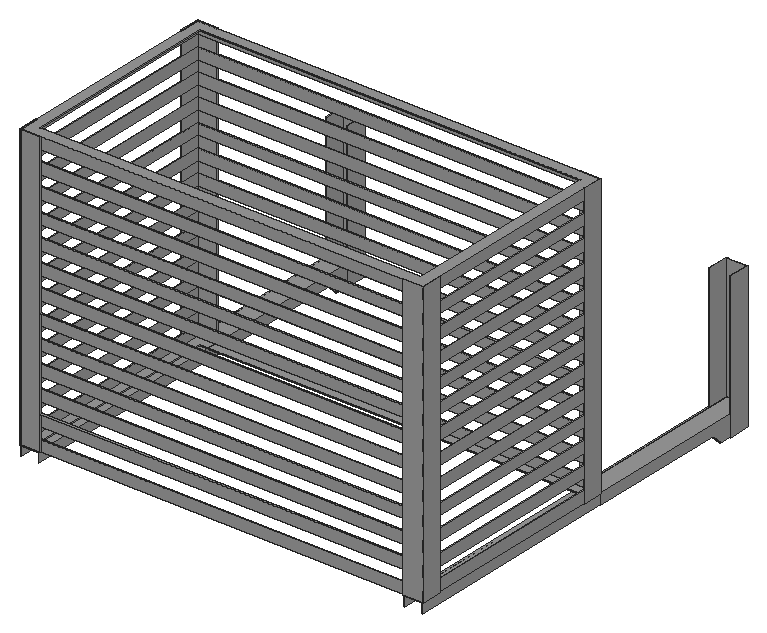
Revit family "Корзина для кондиционера «Ламель» Арт 22832", category Антураж, Revit 2018
Family settings
  На основе рабочей плоскости = Нет
  Всегда вертикально = Да
  При загрузке вырезать с полостями = Нет
  Источник визуального образа = Геометрия семейства
  Общий = Нет
  Точка расчета площади = Нет
Parameters (values of type "Корзина для кондиционера «Ламель»")
  Цвет каркаса = Сталь
  Ширина = 550 mm  # constant formula
  Описание = "Корзина для кондиционера «Ламель»"  # constant formula
  Материал изделия = "Сталь"  # constant formula
  Изображение типоразмера = Корзина для кондиционера «Ламель» Арт 22832.jpg
  Изготовитель = "ООО «Хоббика»"  # constant formula
  Длина = 1000 mm  # constant formula
  Группа модели = "Корзины для кондиционеров"  # constant formula
  Высота = 700 mm  # constant formula
  Артикул товара = "Арт. 22832"  # constant formula
  URL = "https://hobbyka.ru/product/korzina_dlya_konditsionera_lamel/"
Reference planes
  plane 1 "По центру (Вперед/Назад)": y = 0
  plane 2: z = 0
  plane 3 "По центру (Влево/Вправо)": x = 0
  plane 4: x = 1000
  plane 5: y = 550
  plane 6: z = 700
Forms (mm)
  Extrusion 1, solid, material "Сталь" <- "Цвет каркаса"
    sketch origin (0, 450, 0) x (1, 0, 0) y (0, 1, 0)
      loop
        line (-2, 500) -> (0, 500) -> (0, 550) -> (50, 550) -> (50, 500) -> (52, 500) -> (52, 552) -> (-2, 552) -> (-2, 500)
      loop
        line (1002, 500) -> (1002, 552) -> (948, 552) -> (948, 500) -> (950, 500) -> (950, 550) -> (1000, 550) -> (1000, 500) -> (1002, 500)
    from -50 to 308
  Sweep 2, solid, material "Сталь" <- "Цвет каркаса"
    path origin (0, 0, 0) x (1, 0, 0) y (0, 1, 0)
      loop
        line (2, 548) -> (2, 2) -> (998, 2) -> (998, 548) -> (2, 548)
    profile origin (500, 548, 0) x (0, 1, 0) y (0, 0, 1)
      loop
        line (0, 0) -> (0, 28) -> (-2, 28) -> (-2, 2) -> (-26, 2) -> (-26, 0) -> (0, 0)
  Sweep 3, solid, material "Сталь" <- "Цвет каркаса"
    path origin (0, 0, 700) x (0, -1, 0) y (1, 0, 0)
      loop
        line (-548, 2) -> (-2, 2) -> (-2, 998) -> (-548, 998) -> (-548, 2)
    profile origin (500, 548, 700) x (0, 1, 0) y (0, 0, 1)
      loop
        line (0, 0) -> (-26, 0) -> (-26, -2) -> (-2, -2) -> (-2, -28) -> (0, -28) -> (0, 0)
  Sweep 4, solid, material "Сталь" <- "Цвет каркаса"
    path origin (0, 0, 56) x (1, 0, 0) y (0, 1, 0)
      loop
        line (2, 548) -> (2, 2) -> (998, 2) -> (998, 548) -> (2, 548)
    profile origin (500, 548, 56) x (0, 1, 0) y (0, 0, 1)
      loop
        line (0, 0) -> (0, 28) -> (-2, 28) -> (-2, 0) -> (0, 0)
  Sweep 5, solid, material "Сталь" <- "Цвет каркаса"
    path origin (0, 0, 112) x (1, 0, 0) y (0, 1, 0)
      loop
        line (2, 548) -> (2, 2) -> (998, 2) -> (998, 548) -> (2, 548)
    profile origin (500, 548, 112) x (0, 1, 0) y (0, 0, 1)
      loop
        line (0, 0) -> (0, 28) -> (-2, 28) -> (-2, 0) -> (0, 0)
  Sweep 6, solid, material "Сталь" <- "Цвет каркаса"
    path origin (0, 0, 168) x (1, 0, 0) y (0, 1, 0)
      loop
        line (2, 548) -> (2, 2) -> (998, 2) -> (998, 548) -> (2, 548)
    profile origin (500, 548, 168) x (0, 1, 0) y (0, 0, 1)
      loop
        line (0, 0) -> (0, 28) -> (-2, 28) -> (-2, 0) -> (0, 0)
  Sweep 7, solid, material "Сталь" <- "Цвет каркаса"
    path origin (0, 0, 224) x (1, 0, 0) y (0, 1, 0)
      loop
        line (2, 548) -> (2, 2) -> (998, 2) -> (998, 548) -> (2, 548)
    profile origin (500, 548, 224) x (0, 1, 0) y (0, 0, 1)
      loop
        line (0, 0) -> (0, 28) -> (-2, 28) -> (-2, 0) -> (0, 0)
  Sweep 8, solid, material "Сталь" <- "Цвет каркаса"
    path origin (0, 0, 280) x (1, 0, 0) y (0, 1, 0)
      loop
        line (2, 548) -> (2, 2) -> (998, 2) -> (998, 548) -> (2, 548)
    profile origin (500, 548, 280) x (0, 1, 0) y (0, 0, 1)
      loop
        line (0, 0) -> (0, 28) -> (-2, 28) -> (-2, 0) -> (0, 0)
  Sweep 9, solid, material "Сталь" <- "Цвет каркаса"
    path origin (0, 0, 336) x (1, 0, 0) y (0, 1, 0)
      loop
        line (2, 548) -> (2, 2) -> (998, 2) -> (998, 548) -> (2, 548)
    profile origin (500, 548, 336) x (0, 1, 0) y (0, 0, 1)
      loop
        line (0, 0) -> (0, 28) -> (-2, 28) -> (-2, 0) -> (0, 0)
  Sweep 10, solid, material "Сталь" <- "Цвет каркаса"
    path origin (0, 0, 392) x (1, 0, 0) y (0, 1, 0)
      loop
        line (2, 548) -> (2, 2) -> (998, 2) -> (998, 548) -> (2, 548)
    profile origin (500, 548, 392) x (0, 1, 0) y (0, 0, 1)
      loop
        line (0, 0) -> (0, 28) -> (-2, 28) -> (-2, 0) -> (0, 0)
  Sweep 11, solid, material "Сталь" <- "Цвет каркаса"
    path origin (0, 0, 448) x (1, 0, 0) y (0, 1, 0)
      loop
        line (2, 548) -> (2, 2) -> (998, 2) -> (998, 548) -> (2, 548)
    profile origin (500, 548, 448) x (0, 1, 0) y (0, 0, 1)
      loop
        line (0, 0) -> (0, 28) -> (-2, 28) -> (-2, 0) -> (0, 0)
  Sweep 12, solid, material "Сталь" <- "Цвет каркаса"
    path origin (0, 0, 504) x (1, 0, 0) y (0, 1, 0)
      loop
        line (2, 548) -> (2, 2) -> (998, 2) -> (998, 548) -> (2, 548)
    profile origin (500, 548, 504) x (0, 1, 0) y (0, 0, 1)
      loop
        line (0, 0) -> (0, 28) -> (-2, 28) -> (-2, 0) -> (0, 0)
  Sweep 13, solid, material "Сталь" <- "Цвет каркаса"
    path origin (0, 0, 560) x (1, 0, 0) y (0, 1, 0)
      loop
        line (2, 548) -> (2, 2) -> (998, 2) -> (998, 548) -> (2, 548)
    profile origin (500, 548, 560) x (0, 1, 0) y (0, 0, 1)
      loop
        line (0, 0) -> (0, 28) -> (-2, 28) -> (-2, 0) -> (0, 0)
  Sweep 14, solid, material "Сталь" <- "Цвет каркаса"
    path origin (0, 0, 616) x (1, 0, 0) y (0, 1, 0)
      loop
        line (2, 548) -> (2, 2) -> (998, 2) -> (998, 548) -> (2, 548)
    profile origin (500, 548, 616) x (0, 1, 0) y (0, 0, 1)
      loop
        line (0, 0) -> (0, 28) -> (-2, 28) -> (-2, 0) -> (0, 0)
  Extrusion 15, solid, material "Сталь" <- "Цвет каркаса"
    sketch origin (0, 0, 0) x (1, 0, 0) y (0, 0, 1)
      loop
        line (2, -25) -> (4, -25) -> (4, -2) -> (46, -2) -> (46, -25) -> (48, -25) -> (48, 0) -> (2, 0) -> (2, -25)
      loop
        line (952, -25) -> (954, -25) -> (954, -2) -> (996, -2) -> (996, -25) -> (998, -25) -> (998, 0) -> (952, 0) -> (952, -25)
    from -550 to 0
  Extrusion 16, solid, material "Сталь" <- "Цвет каркаса"
    sketch origin (0, 0, 0) x (1, 0, 0) y (0, 1, 0)
      loop
        line (50, 550) -> (0, 550) -> (0, 500) -> (2, 500) -> (2, 548) -> (50, 548) -> (50, 550)
      loop
        line (950, 550) -> (950, 548) -> (998, 548) -> (998, 500) -> (1000, 500) -> (1000, 550) -> (950, 550)
      loop
        line (50, 0) -> (50, 2) -> (2, 2) -> (2, 50) -> (0, 50) -> (0, 0) -> (50, 0)
      loop
        line (950, 0) -> (1000, 0) -> (1000, 50) -> (998, 50) -> (998, 2) -> (950, 2) -> (950, 0)
    from 0 to 700
  Extrusion 17, solid, material "Сталь" <- "Цвет каркаса"
    sketch origin (0, 0, 0) x (1, 0, 0) y (0, 0, 1)
      loop
        line (0, 2) -> (0, -50) -> (2, -50) -> (2, 0) -> (48, 0) -> (48, -50) -> (50, -50) -> (50, 2) -> (0, 2)
      loop
        line (950, 2) -> (950, -50) -> (952, -50) -> (952, 0) -> (998, 0) -> (998, -50) -> (1000, -50) -> (1000, 2) -> (950, 2)
    from -1000 to -550
  Extrusion 18, void
    sketch origin (0, 0, 0) x (0, 1, 0) y (0, 0, 1)
      loop
        line (895, -25) -> (550, -25) -> (550, -50) -> (920, -50) -> (895, -25)
    from 0 to 1033.439
Cuts and joins
  Extrusion 18 cuts Extrusion 17
Dimensions and locks
  "Ширина": plane 5 to plane 1 "По центру (Вперед/Назад)"
  "Длина": plane 3 "По центру (Влево/Вправо)" to plane 4
  "Высота": plane 6 to level
  aligned and locked: level to plane 2
Automatic sketch dimensions
  plane 3 "По центру (Влево/Вправо)" to Sweep 2 sketch curve = 2 mm
  Sweep 2 sketch curve to plane 4 = 2 mm
  Sweep 2 sketch curve to plane 1 "По центру (Вперед/Назад)" = 2 mm
  Sweep 2 sketch curve to plane 5 = 2 mm
  Sweep 2 sketch curve to level = 0 mm
  Sweep 2 sketch curve to profile plane = 0 mm
  profile plane to Sweep 2 sketch curve = 2 mm
  level to Sweep 2 sketch curve = 2 mm
  Sweep 2 sketch curve to Sweep 2 sketch curve = 24 mm
  Sweep 2 sketch curve to Sweep 2 sketch curve = 26 mm
  Sweep 3 sketch curve to plane 5 = 2 mm
  Sweep 3 sketch curve to plane 1 "По центру (Вперед/Назад)" = 2 mm
  plane 3 "По центру (Влево/Вправо)" to Sweep 3 sketch curve = 2 mm
  Sweep 3 sketch curve to plane 4 = 2 mm
  Sweep 3 sketch curve to profile plane = 0 mm  (x2)
  Sweep 3 sketch curve to Sweep 3 sketch curve = 2 mm
  Sweep 3 sketch curve to profile plane = 2 mm
  Sweep 3 sketch curve to Sweep 3 sketch curve = 24 mm
  Sweep 3 sketch curve to Sweep 3 sketch curve = 26 mm
  plane 3 "По центру (Влево/Вправо)" to Sweep 4 sketch curve = 2 mm
  Sweep 4 sketch curve to plane 4 = 2 mm
  Sweep 4 sketch curve to plane 1 "По центру (Вперед/Назад)" = 2 mm
  Sweep 4 sketch curve to plane 5 = 2 mm
  Sweep 4 sketch curve to profile plane = 0 mm  (x2)
  profile plane to Sweep 4 sketch curve = 2 mm
  Sweep 4 sketch curve to Sweep 4 sketch curve = 28 mm
  plane 3 "По центру (Влево/Вправо)" to Sweep 5 sketch curve = 2 mm
  Sweep 5 sketch curve to plane 4 = 2 mm
  Sweep 5 sketch curve to plane 1 "По центру (Вперед/Назад)" = 2 mm
  Sweep 5 sketch curve to plane 5 = 2 mm
  Sweep 5 sketch curve to profile plane = 0 mm  (x2)
  profile plane to Sweep 5 sketch curve = 2 mm
  Sweep 5 sketch curve to Sweep 5 sketch curve = 28 mm
  plane 3 "По центру (Влево/Вправо)" to Sweep 6 sketch curve = 2 mm
  Sweep 6 sketch curve to plane 4 = 2 mm
  Sweep 6 sketch curve to plane 1 "По центру (Вперед/Назад)" = 2 mm
  Sweep 6 sketch curve to plane 5 = 2 mm
  Sweep 6 sketch curve to profile plane = 0 mm  (x2)
  profile plane to Sweep 6 sketch curve = 2 mm
  profile plane to Sweep 6 sketch curve = 28 mm
  plane 3 "По центру (Влево/Вправо)" to Sweep 7 sketch curve = 2 mm
  Sweep 7 sketch curve to plane 4 = 2 mm
  Sweep 7 sketch curve to plane 1 "По центру (Вперед/Назад)" = 2 mm
  Sweep 7 sketch curve to plane 5 = 2 mm
  Sweep 7 sketch curve to profile plane = 0 mm  (x2)
  profile plane to Sweep 7 sketch curve = 2 mm
  profile plane to Sweep 7 sketch curve = 28 mm
  plane 3 "По центру (Влево/Вправо)" to Sweep 8 sketch curve = 2 mm
  Sweep 8 sketch curve to plane 4 = 2 mm
  Sweep 8 sketch curve to plane 1 "По центру (Вперед/Назад)" = 2 mm
  Sweep 8 sketch curve to plane 5 = 2 mm
  Sweep 8 sketch curve to profile plane = 0 mm  (x2)
  profile plane to Sweep 8 sketch curve = 2 mm
  profile plane to Sweep 8 sketch curve = 28 mm
  plane 3 "По центру (Влево/Вправо)" to Sweep 9 sketch curve = 2 mm
  Sweep 9 sketch curve to plane 4 = 2 mm
  Sweep 9 sketch curve to plane 1 "По центру (Вперед/Назад)" = 2 mm
  Sweep 9 sketch curve to plane 5 = 2 mm
  Sweep 9 sketch curve to profile plane = 0 mm  (x2)
  profile plane to Sweep 9 sketch curve = 2 mm
  Sweep 9 sketch curve to Sweep 9 sketch curve = 28 mm
  plane 3 "По центру (Влево/Вправо)" to Sweep 10 sketch curve = 2 mm
  Sweep 10 sketch curve to plane 4 = 2 mm
  Sweep 10 sketch curve to plane 1 "По центру (Вперед/Назад)" = 2 mm
  Sweep 10 sketch curve to plane 5 = 2 mm
  Sweep 10 sketch curve to profile plane = 0 mm  (x2)
  profile plane to Sweep 10 sketch curve = 2 mm
  profile plane to Sweep 10 sketch curve = 28 mm
  plane 3 "По центру (Влево/Вправо)" to Sweep 11 sketch curve = 2 mm
  Sweep 11 sketch curve to plane 4 = 2 mm
  Sweep 11 sketch curve to plane 1 "По центру (Вперед/Назад)" = 2 mm
  Sweep 11 sketch curve to plane 5 = 2 mm
  Sweep 11 sketch curve to profile plane = 0 mm  (x2)
  profile plane to Sweep 11 sketch curve = 2 mm
  profile plane to Sweep 11 sketch curve = 28 mm
  plane 3 "По центру (Влево/Вправо)" to Sweep 12 sketch curve = 2 mm
  Sweep 12 sketch curve to plane 4 = 2 mm
  Sweep 12 sketch curve to plane 1 "По центру (Вперед/Назад)" = 2 mm
  Sweep 12 sketch curve to plane 5 = 2 mm
  Sweep 12 sketch curve to profile plane = 0 mm  (x2)
  profile plane to Sweep 12 sketch curve = 2 mm
  profile plane to Sweep 12 sketch curve = 28 mm
  plane 3 "По центру (Влево/Вправо)" to Sweep 13 sketch curve = 2 mm
  Sweep 13 sketch curve to plane 4 = 2 mm
  Sweep 13 sketch curve to plane 1 "По центру (Вперед/Назад)" = 2 mm
  Sweep 13 sketch curve to plane 5 = 2 mm
  Sweep 13 sketch curve to profile plane = 0 mm  (x2)
  profile plane to Sweep 13 sketch curve = 2 mm
  profile plane to Sweep 13 sketch curve = 28 mm
  plane 3 "По центру (Влево/Вправо)" to Sweep 14 sketch curve = 2 mm
  Sweep 14 sketch curve to plane 4 = 2 mm
  Sweep 14 sketch curve to plane 1 "По центру (Вперед/Назад)" = 2 mm
  Sweep 14 sketch curve to plane 5 = 2 mm
  Sweep 14 sketch curve to profile plane = 0 mm  (x2)
  profile plane to Sweep 14 sketch curve = 2 mm
  profile plane to Sweep 14 sketch curve = 28 mm
  Extrusion 1 sketch curve to plane 3 "По центру (Влево/Вправо)" = 0 mm
  Extrusion 1 sketch curve to plane 4 = 0 mm
  Extrusion 1 sketch curve to plane 3 "По центру (Влево/Вправо)" = 2 mm
  Extrusion 1 sketch curve to Extrusion 1 sketch curve = 50 mm  (x3)
  Extrusion 1 sketch curve to Extrusion 1 sketch curve = 2 mm  (x4)
  Extrusion 1 sketch curve to Extrusion 1 sketch curve = 52 mm
  plane 4 to Extrusion 1 sketch curve = 2 mm
  plane 5 to Extrusion 1 sketch curve = 400 mm  (x2)
  Extrusion 1 sketch curve to Extrusion 1 sketch curve = 0 mm  (x2)
  plane 3 "По центру (Влево/Вправо)" to Extrusion 15 sketch curve = 2 mm
  Extrusion 15 sketch curve to level = 0 mm  (x2)
  Extrusion 15 sketch curve to plane 4 = 2 mm
  plane 3 "По центру (Влево/Вправо)" to Extrusion 15 sketch curve = 4 mm
  Extrusion 15 sketch curve to Extrusion 15 sketch curve = 42 mm
  Extrusion 15 sketch curve to Extrusion 15 sketch curve = 2 mm  (x3)
  Extrusion 15 sketch curve to Extrusion 15 sketch curve = 46 mm
  Extrusion 15 sketch curve to level = 2 mm  (x2)
  Extrusion 15 sketch curve to Extrusion 15 sketch curve = 23 mm  (x2)
  Extrusion 15 sketch curve to Extrusion 15 sketch curve = 0 mm  (x2)
  plane 1 "По центру (Вперед/Назад)" to Extrusion 16 sketch curve = 0 mm  (x2)
  Extrusion 16 sketch curve to plane 3 "По центру (Влево/Вправо)" = 0 mm  (x2)
  Extrusion 16 sketch curve to plane 5 = 0 mm  (x2)
  Extrusion 16 sketch curve to plane 4 = 0 mm  (x2)
  plane 3 "По центру (Влево/Вправо)" to Extrusion 16 sketch curve = 2 mm  (x2)
  Extrusion 16 sketch curve to Extrusion 16 sketch curve = 48 mm  (x5)
  Extrusion 16 sketch curve to plane 4 = 50 mm  (x2)
  Extrusion 16 sketch curve to plane 5 = 2 mm  (x2)
  Extrusion 16 sketch curve to plane 4 = 2 mm  (x2)
  Extrusion 16 sketch curve to Extrusion 16 sketch curve = 2 mm
  Extrusion 16 sketch curve to plane 1 "По центру (Вперед/Назад)" = 2 mm
  Extrusion 16 sketch curve to plane 5 = 50 mm
  Extrusion 17 sketch curve to plane 3 "По центру (Влево/Вправо)" = 0 mm
  Extrusion 17 sketch curve to level = 0 mm  (x2)
  Extrusion 17 sketch curve to plane 4 = 0 mm
  plane 3 "По центру (Влево/Вправо)" to Extrusion 17 sketch curve = 2 mm
  Extrusion 17 sketch curve to Extrusion 17 sketch curve = 46 mm
  Extrusion 17 sketch curve to Extrusion 17 sketch curve = 2 mm  (x2)
  level to Extrusion 17 sketch curve = 2 mm  (x2)
  Extrusion 17 sketch curve to Extrusion 17 sketch curve = 50 mm  (x2)
  Extrusion 17 sketch curve to plane 4 = 2 mm
  Extrusion 17 sketch curve to level = 50 mm  (x3)
  Extrusion 18 sketch curve to plane 5 = 0 mm
  Extrusion 18 sketch curve to Extrusion 18 sketch curve = 25 mm  (x2)
  Extrusion 18 sketch curve to level = 25 mm
  plane 5 to Extrusion 18 sketch curve = 345 mm
